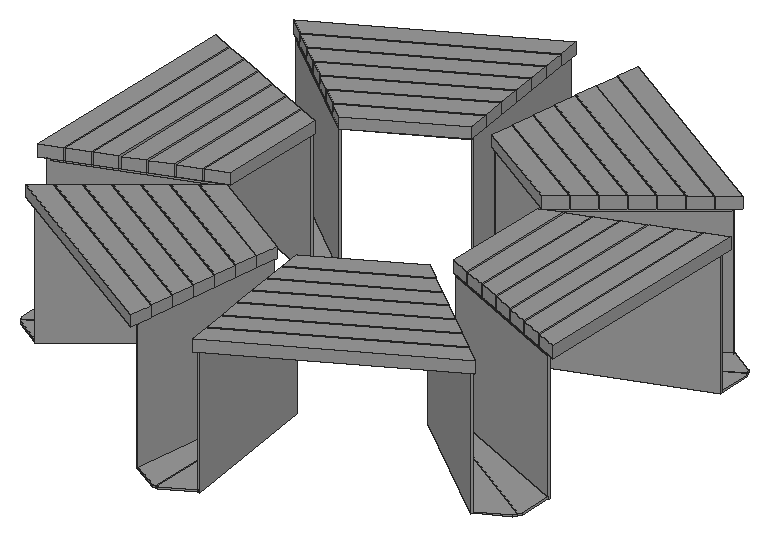
Revit family "Скамейка вокруг дерева «Эраунд 6» Арт 10538", category Антураж, Revit 2018
Family settings
  На основе рабочей плоскости = Нет
  Всегда вертикально = Да
  При загрузке вырезать с полостями = Нет
  Источник визуального образа = Геометрия семейства
  Общий = Нет
  Точка расчета площади = Нет
Parameters (values of type "Скамейка вокруг дерева «Эраунд 6»")
  Ширина = 1780 mm  # constant formula
  Цвет опоры = Сталь
  Цвет лавки = Дерево
  Описание = "Скамейка вокруг дерева «Эраунд 6»"  # constant formula
  Материал изделия = "Сталь, дерево"  # constant formula
  Изображение типоразмера = Скамейка вокруг дерева «Эраунд 6» Арт 10538.jpg
  Изготовитель = "ООО «Хоббика»"  # constant formula
  Длина = 1590 mm  # constant formula
  Группа модели = "Скамейки"  # constant formula
  Высота = 435 mm  # constant formula
  Артикул товара = "Арт. 10538"  # constant formula
  URL = "https://hobbyka.ru/product/skameyka_vokrug_dereva_eraund_6/"
Reference planes
  plane 1 "По центру (Вперед/Назад)": y = 0
  plane 2: z = 0
  plane 3 "По центру (Влево/Вправо)": x = 0
  plane 4: z = 435
  plane 5: x = 1590
  plane 6: y = 1780
Forms (mm)
  Extrusion 1, solid, material "Сталь" <- "Цвет опоры"
    sketch origin (-180, 0, 0) x (1, 0, 0) y (0, 1, 0)
      loop
        arc (208.054, 1333.96) -> (204.848, 1328.352) -> (201.682, 1322.722) r 891.421
        line (201.682, 1322.722) -> (201.682, 1225.213) -> (622.936, 1055.015) -> (622.936, 1092.784) -> (208.054, 1333.96)
      loop
        line (622.936, 687.216) -> (622.936, 724.985) -> (201.682, 554.787) -> (201.682, 457.278)
        arc (201.682, 457.278) -> (204.848, 451.648) -> (208.054, 446.04) r 891.421
        line (208.054, 446.04) -> (622.936, 687.216)
    from 0 to 5
  Extrusion 2, solid, material "Сталь" <- "Цвет опоры"
    sketch origin (-180, 0, 0) x (1, 0, 0) y (0, 1, 0)
      loop
        line (201.682, 1225.213) -> (199.809, 1220.577) -> (621.063, 1050.379) -> (622.936, 1055.015) -> (201.682, 1225.213)
      loop
        line (622.936, 724.985) -> (621.063, 729.621) -> (199.809, 559.423) -> (201.682, 554.787) -> (622.936, 724.985)
    from 0 to 400
  Extrusion 3, solid, material "Сталь" <- "Цвет опоры"
    sketch origin (-180, 0, 0) x (1, 0, 0) y (0, 1, 0)
      loop
        line (622.936, 1055.015) -> (201.682, 1225.213) -> (201.682, 554.787) -> (622.936, 724.985) -> (622.936, 1055.015)
    from 395 to 400
  Extrusion 4, solid, material "Дерево" <- "Цвет лавки"
    sketch origin (-180, 0, 0) x (1, 0, 0) y (0, 1, 0)
      loop
        line (630, 1052.161) -> (570, 1076.403) -> (570, 703.597) -> (630, 727.839) -> (630, 1052.161)
      loop
        line (180, 546.027) -> (240, 570.268) -> (240, 1209.732) -> (180, 1233.973) -> (180, 546.027)
      loop
        line (245, 1207.711) -> (245, 572.289) -> (305, 596.53) -> (305, 1183.47) -> (245, 1207.711)
      loop
        line (310, 1181.45) -> (310, 598.55) -> (370, 622.792) -> (370, 1157.208) -> (310, 1181.45)
      loop
        line (375, 1155.188) -> (375, 624.812) -> (435, 649.054) -> (435, 1130.946) -> (375, 1155.188)
      loop
        line (440, 1128.926) -> (440, 651.074) -> (500, 675.315) -> (500, 1104.685) -> (440, 1128.926)
      loop
        line (505, 1102.665) -> (505, 677.335) -> (565, 701.577) -> (565, 1078.423) -> (505, 1102.665)
    from 400 to 435
  Extrusion 5, solid, material "Сталь" <- "Цвет опоры"
    sketch origin (1770, 0, 0) x (-1, 0, 0) y (0, -1, 0)
      loop
        line (208.054, -1333.96) -> (622.936, -1092.784) -> (622.936, -1055.015) -> (201.682, -1225.213) -> (201.682, -1322.722)
        arc (201.682, -1322.722) -> (204.848, -1328.352) -> (208.054, -1333.96) r 891.421
      loop
        line (622.936, -687.216) -> (208.054, -446.04)
        arc (208.054, -446.04) -> (204.848, -451.648) -> (201.682, -457.278) r 891.421
        line (201.682, -457.278) -> (201.682, -554.787) -> (622.936, -724.985) -> (622.936, -687.216)
    from 0 to 5
  Extrusion 6, solid, material "Сталь" <- "Цвет опоры"
    sketch origin (1770, 0, 0) x (-1, 0, 0) y (0, -1, 0)
      loop
        line (201.682, -1225.213) -> (622.936, -1055.015) -> (621.063, -1050.379) -> (199.809, -1220.577) -> (201.682, -1225.213)
      loop
        line (622.936, -724.985) -> (201.682, -554.787) -> (199.809, -559.423) -> (621.063, -729.621) -> (622.936, -724.985)
    from 0 to 400
  Extrusion 7, solid, material "Сталь" <- "Цвет опоры"
    sketch origin (1770, 0, 0) x (-1, 0, 0) y (0, -1, 0)
      loop
        line (622.936, -1055.015) -> (622.936, -724.985) -> (201.682, -554.787) -> (201.682, -1225.213) -> (622.936, -1055.015)
    from 395 to 400
  Extrusion 8, solid, material "Дерево" <- "Цвет лавки"
    sketch origin (1770, 0, 0) x (-1, 0, 0) y (0, -1, 0)
      loop
        line (630, -1052.161) -> (630, -727.839) -> (570, -703.597) -> (570, -1076.403) -> (630, -1052.161)
      loop
        line (180, -546.027) -> (180, -1233.973) -> (240, -1209.732) -> (240, -570.268) -> (180, -546.027)
      loop
        line (245, -1207.711) -> (305, -1183.47) -> (305, -596.53) -> (245, -572.289) -> (245, -1207.711)
      loop
        line (310, -1181.45) -> (370, -1157.208) -> (370, -622.792) -> (310, -598.55) -> (310, -1181.45)
      loop
        line (375, -1155.188) -> (435, -1130.946) -> (435, -649.054) -> (375, -624.812) -> (375, -1155.188)
      loop
        line (440, -1128.926) -> (500, -1104.685) -> (500, -675.315) -> (440, -651.074) -> (440, -1128.926)
      loop
        line (505, -1102.665) -> (565, -1078.423) -> (565, -701.577) -> (505, -677.335) -> (505, -1102.665)
    from 400 to 435
  Extrusion 9, solid, material "Сталь" <- "Цвет опоры"
    sketch origin (-462.496, 1294.027, 0) x (0.494855, -0.868976, 0) y (0.868976, 0.494855, 0)
      loop
        arc (205.748, 1329.935) -> (203.707, 1326.333) -> (201.682, 1322.722) r 891.421
        line (201.682, 1322.722) -> (201.682, 1225.213) -> (622.936, 1055.015) -> (622.936, 1092.359) -> (205.748, 1329.935)
      loop
        line (622.936, 687.216) -> (622.936, 724.985) -> (201.682, 554.787) -> (201.682, 457.278)
        arc (201.682, 457.278) -> (204.848, 451.648) -> (208.054, 446.04) r 891.421
        line (208.054, 446.04) -> (622.936, 687.216)
    from 0 to 5
  Extrusion 10, solid, material "Сталь" <- "Цвет опоры"
    sketch origin (-462.496, 1294.027, 0) x (0.494855, -0.868976, 0) y (0.868976, 0.494855, 0)
      loop
        line (201.682, 1225.213) -> (199.809, 1220.577) -> (621.063, 1050.379) -> (622.936, 1055.015) -> (201.682, 1225.213)
      loop
        line (622.936, 724.985) -> (621.063, 729.621) -> (199.809, 559.423) -> (201.682, 554.787) -> (622.936, 724.985)
    from 0 to 400
  Extrusion 11, solid, material "Сталь" <- "Цвет опоры"
    sketch origin (-462.496, 1294.027, 0) x (0.494855, -0.868976, 0) y (0.868976, 0.494855, 0)
      loop
        line (622.936, 1055.015) -> (201.682, 1225.213) -> (201.682, 554.787) -> (622.936, 724.985) -> (622.936, 1055.015)
    from 395 to 400
  Extrusion 12, solid, material "Дерево" <- "Цвет лавки"
    sketch origin (-462.496, 1294.027, 0) x (0.494855, -0.868976, 0) y (0.868976, 0.494855, 0)
      loop
        line (630, 1052.161) -> (570, 1076.403) -> (570, 703.597) -> (630, 727.839) -> (630, 1052.161)
      loop
        line (180, 546.027) -> (240, 570.268) -> (240, 1209.732) -> (180, 1233.973) -> (180, 546.027)
      loop
        line (245, 1207.711) -> (245, 572.289) -> (305, 596.53) -> (305, 1183.47) -> (245, 1207.711)
      loop
        line (310, 1181.45) -> (310, 598.55) -> (370, 622.792) -> (370, 1157.208) -> (310, 1181.45)
      loop
        line (375, 1155.188) -> (375, 624.812) -> (435, 649.054) -> (435, 1130.946) -> (375, 1155.188)
      loop
        line (440, 1128.926) -> (440, 651.074) -> (500, 675.315) -> (500, 1104.685) -> (440, 1128.926)
      loop
        line (505, 1102.665) -> (505, 677.335) -> (565, 701.577) -> (565, 1078.423) -> (505, 1102.665)
    from 400 to 435
  Extrusion 13, solid, material "Сталь" <- "Цвет опоры"
    sketch origin (-462.496, 485.973, 0) x (0.494855, 0.868976, 0) y (-0.868976, 0.494855, 0)
      loop
        line (205.748, -1329.935) -> (622.936, -1092.359) -> (622.936, -1055.015) -> (201.682, -1225.213) -> (201.682, -1322.722)
        arc (201.682, -1322.722) -> (203.707, -1326.333) -> (205.748, -1329.935) r 891.421
      loop
        line (622.936, -687.216) -> (208.054, -446.04)
        arc (208.054, -446.04) -> (204.848, -451.648) -> (201.682, -457.278) r 891.421
        line (201.682, -457.278) -> (201.682, -554.787) -> (622.936, -724.985) -> (622.936, -687.216)
    from 0 to 5
  Extrusion 14, solid, material "Сталь" <- "Цвет опоры"
    sketch origin (-462.496, 485.973, 0) x (0.494855, 0.868976, 0) y (-0.868976, 0.494855, 0)
      loop
        line (201.682, -1225.213) -> (622.936, -1055.015) -> (621.063, -1050.379) -> (199.809, -1220.577) -> (201.682, -1225.213)
      loop
        line (622.936, -724.985) -> (201.682, -554.787) -> (199.809, -559.423) -> (621.063, -729.621) -> (622.936, -724.985)
    from 0 to 400
  Extrusion 15, solid, material "Сталь" <- "Цвет опоры"
    sketch origin (-462.496, 485.973, 0) x (0.494855, 0.868976, 0) y (-0.868976, 0.494855, 0)
      loop
        line (622.936, -1055.015) -> (622.936, -724.985) -> (201.682, -554.787) -> (201.682, -1225.213) -> (622.936, -1055.015)
    from 395 to 400
  Extrusion 16, solid, material "Дерево" <- "Цвет лавки"
    sketch origin (-462.496, 485.973, 0) x (0.494855, 0.868976, 0) y (-0.868976, 0.494855, 0)
      loop
        line (630, -1052.161) -> (630, -727.839) -> (570, -703.597) -> (570, -1076.403) -> (630, -1052.161)
      loop
        line (180, -546.027) -> (180, -1233.973) -> (240, -1209.732) -> (240, -570.268) -> (180, -546.027)
      loop
        line (245, -1207.711) -> (305, -1183.47) -> (305, -596.53) -> (245, -572.289) -> (245, -1207.711)
      loop
        line (310, -1181.45) -> (370, -1157.208) -> (370, -622.792) -> (310, -598.55) -> (310, -1181.45)
      loop
        line (375, -1155.188) -> (435, -1130.946) -> (435, -649.054) -> (375, -624.812) -> (375, -1155.188)
      loop
        line (440, -1128.926) -> (500, -1104.685) -> (500, -675.315) -> (440, -651.074) -> (440, -1128.926)
      loop
        line (505, -1102.665) -> (565, -1078.423) -> (565, -701.577) -> (505, -677.335) -> (505, -1102.665)
    from 400 to 435
  Extrusion 17, solid, material "Сталь" <- "Цвет опоры"
    sketch origin (2052.496, 1294.027, 0) x (-0.494855, -0.868976, 0) y (0.868976, -0.494855, 0)
      loop
        line (205.748, -1329.935) -> (622.936, -1092.359) -> (622.936, -1055.015) -> (201.682, -1225.213) -> (201.682, -1322.722)
        arc (201.682, -1322.722) -> (203.707, -1326.333) -> (205.748, -1329.935) r 891.421
      loop
        line (622.936, -687.216) -> (208.054, -446.04)
        arc (208.054, -446.04) -> (204.848, -451.648) -> (201.682, -457.278) r 891.421
        line (201.682, -457.278) -> (201.682, -554.787) -> (622.936, -724.985) -> (622.936, -687.216)
    from 0 to 5
  Extrusion 18, solid, material "Сталь" <- "Цвет опоры"
    sketch origin (2052.496, 1294.027, 0) x (-0.494855, -0.868976, 0) y (0.868976, -0.494855, 0)
      loop
        line (201.682, -1225.213) -> (622.936, -1055.015) -> (621.063, -1050.379) -> (199.809, -1220.577) -> (201.682, -1225.213)
      loop
        line (622.936, -724.985) -> (201.682, -554.787) -> (199.809, -559.423) -> (621.063, -729.621) -> (622.936, -724.985)
    from 0 to 400
  Extrusion 19, solid, material "Сталь" <- "Цвет опоры"
    sketch origin (2052.496, 1294.027, 0) x (-0.494855, -0.868976, 0) y (0.868976, -0.494855, 0)
      loop
        line (622.936, -1055.015) -> (622.936, -724.985) -> (201.682, -554.787) -> (201.682, -1225.213) -> (622.936, -1055.015)
    from 395 to 400
  Extrusion 20, solid, material "Дерево" <- "Цвет лавки"
    sketch origin (2052.496, 1294.027, 0) x (-0.494855, -0.868976, 0) y (0.868976, -0.494855, 0)
      loop
        line (630, -1052.161) -> (630, -727.839) -> (570, -703.597) -> (570, -1076.403) -> (630, -1052.161)
      loop
        line (180, -546.027) -> (180, -1233.973) -> (240, -1209.732) -> (240, -570.268) -> (180, -546.027)
      loop
        line (245, -1207.711) -> (305, -1183.47) -> (305, -596.53) -> (245, -572.289) -> (245, -1207.711)
      loop
        line (310, -1181.45) -> (370, -1157.208) -> (370, -622.792) -> (310, -598.55) -> (310, -1181.45)
      loop
        line (375, -1155.188) -> (435, -1130.946) -> (435, -649.054) -> (375, -624.812) -> (375, -1155.188)
      loop
        line (440, -1128.926) -> (500, -1104.685) -> (500, -675.315) -> (440, -651.074) -> (440, -1128.926)
      loop
        line (505, -1102.665) -> (565, -1078.423) -> (565, -701.577) -> (505, -677.335) -> (505, -1102.665)
    from 400 to 435
  Extrusion 21, solid, material "Сталь" <- "Цвет опоры"
    sketch origin (2052.496, 485.973, 0) x (-0.494855, 0.868976, 0) y (-0.868976, -0.494855, 0)
      loop
        arc (205.748, 1329.935) -> (203.707, 1326.333) -> (201.682, 1322.722) r 891.421
        line (201.682, 1322.722) -> (201.682, 1225.213) -> (622.936, 1055.015) -> (622.936, 1092.359) -> (205.748, 1329.935)
      loop
        line (622.936, 687.216) -> (622.936, 724.985) -> (201.682, 554.787) -> (201.682, 457.278)
        arc (201.682, 457.278) -> (204.848, 451.648) -> (208.054, 446.04) r 891.421
        line (208.054, 446.04) -> (622.936, 687.216)
    from 0 to 5
  Extrusion 22, solid, material "Сталь" <- "Цвет опоры"
    sketch origin (2052.496, 485.973, 0) x (-0.494855, 0.868976, 0) y (-0.868976, -0.494855, 0)
      loop
        line (201.682, 1225.213) -> (199.809, 1220.577) -> (621.063, 1050.379) -> (622.936, 1055.015) -> (201.682, 1225.213)
      loop
        line (622.936, 724.985) -> (621.063, 729.621) -> (199.809, 559.423) -> (201.682, 554.787) -> (622.936, 724.985)
    from 0 to 400
  Extrusion 23, solid, material "Сталь" <- "Цвет опоры"
    sketch origin (2052.496, 485.973, 0) x (-0.494855, 0.868976, 0) y (-0.868976, -0.494855, 0)
      loop
        line (622.936, 1055.015) -> (201.682, 1225.213) -> (201.682, 554.787) -> (622.936, 724.985) -> (622.936, 1055.015)
    from 395 to 400
  Extrusion 24, solid, material "Дерево" <- "Цвет лавки"
    sketch origin (2052.496, 485.973, 0) x (-0.494855, 0.868976, 0) y (-0.868976, -0.494855, 0)
      loop
        line (630, 1052.161) -> (570, 1076.403) -> (570, 703.597) -> (630, 727.839) -> (630, 1052.161)
      loop
        line (180, 546.027) -> (240, 570.268) -> (240, 1209.732) -> (180, 1233.973) -> (180, 546.027)
      loop
        line (245, 1207.711) -> (245, 572.289) -> (305, 596.53) -> (305, 1183.47) -> (245, 1207.711)
      loop
        line (310, 1181.45) -> (310, 598.55) -> (370, 622.792) -> (370, 1157.208) -> (310, 1181.45)
      loop
        line (375, 1155.188) -> (375, 624.812) -> (435, 649.054) -> (435, 1130.946) -> (375, 1155.188)
      loop
        line (440, 1128.926) -> (440, 651.074) -> (500, 675.315) -> (500, 1104.685) -> (440, 1128.926)
      loop
        line (505, 1102.665) -> (505, 677.335) -> (565, 701.577) -> (565, 1078.423) -> (505, 1102.665)
    from 400 to 435
Lines and regions (mm)
  symbolic lines
    curve 1: line (790.361, 1773.349, 0) -> (799.639, 1773.349, 0)
Dimensions and locks
  "Высота": plane 4 to level
  "Ширина": plane 6 to plane 1 "По центру (Вперед/Назад)"
  "Длина": plane 3 "По центру (Влево/Вправо)" to plane 5
  aligned and locked: level to plane 2
Automatic sketch dimensions
  plane 3 "По центру (Влево/Вправо)" to Extrusion 1 sketch curve = 21.682 mm  (x2)
  Extrusion 1 sketch curve to Extrusion 1 sketch curve = 6.372 mm  (x2)
  Extrusion 1 sketch curve to Extrusion 1 sketch curve = 421.254 mm
  Extrusion 1 sketch curve to Extrusion 1 sketch curve = 0 mm  (x2)
  Extrusion 1 sketch curve to Extrusion 1 sketch curve = 357.36 mm
  Extrusion 1 sketch curve to plane 1 "По центру (Вперед/Назад)" = 446.04 mm
  Extrusion 1 sketch curve to Extrusion 1 sketch curve = 11.238 mm
  Extrusion 1 sketch curve to Extrusion 1 sketch curve = 97.509 mm  (x2)
  Extrusion 1 sketch curve to Extrusion 1 sketch curve = 204.104 mm
  Extrusion 1 sketch curve to Extrusion 1 sketch curve = 37.769 mm  (x2)
  Extrusion 1 sketch curve to Extrusion 1 sketch curve = 2.638 mm
  Extrusion 1 sketch curve to Extrusion 1 sketch curve = 330.03 mm
  Extrusion 1 sketch curve to Extrusion 1 sketch curve = 132.428 mm
  plane 3 "По центру (Влево/Вправо)" to Extrusion 2 sketch curve = 19.809 mm  (x2)
  Extrusion 2 sketch curve to Extrusion 2 sketch curve = 1.873 mm  (x3)
  plane 3 "По центру (Влево/Вправо)" to Extrusion 2 sketch curve = 441.063 mm
  Extrusion 2 sketch curve to Extrusion 2 sketch curve = 0 mm
  Extrusion 2 sketch curve to plane 1 "По центру (Вперед/Назад)" = 554.787 mm
  Extrusion 2 sketch curve to Extrusion 2 sketch curve = 4.636 mm  (x2)
  Extrusion 2 sketch curve to Extrusion 2 sketch curve = 320.759 mm
  plane 3 "По центру (Влево/Вправо)" to Extrusion 3 sketch curve = 21.682 mm
  plane 3 "По центру (Влево/Вправо)" to Extrusion 3 sketch curve = 442.936 mm
  Extrusion 3 sketch curve to plane 1 "По центру (Вперед/Назад)" = 554.787 mm
  Extrusion 3 sketch curve to Extrusion 3 sketch curve = 170.198 mm  (x2)
  Extrusion 3 sketch curve to Extrusion 3 sketch curve = 330.03 mm
  Extrusion 4 sketch curve to plane 3 "По центру (Влево/Вправо)" = 0 mm
  plane 3 "По центру (Влево/Вправо)" to Extrusion 4 sketch curve = 60 mm
  Extrusion 4 sketch curve to Extrusion 4 sketch curve = 5 mm  (x6)
  Extrusion 4 sketch curve to Extrusion 4 sketch curve = 60 mm  (x6)
  Extrusion 4 sketch curve to plane 1 "По центру (Вперед/Назад)" = 546.027 mm
  Extrusion 4 sketch curve to Extrusion 4 sketch curve = 24.242 mm  (x14)
  Extrusion 4 sketch curve to Extrusion 4 sketch curve = 2.02 mm  (x12)
  Extrusion 4 sketch curve to Extrusion 4 sketch curve = 324.323 mm
  plane 5 to Extrusion 5 sketch curve = 21.682 mm  (x2)
  Extrusion 5 sketch curve to Extrusion 5 sketch curve = 6.372 mm  (x2)
  Extrusion 5 sketch curve to Extrusion 5 sketch curve = 421.254 mm
  Extrusion 5 sketch curve to Extrusion 5 sketch curve = 0 mm  (x2)
  Extrusion 5 sketch curve to Extrusion 5 sketch curve = 357.36 mm
  plane 1 "По центру (Вперед/Назад)" to Extrusion 5 sketch curve = 446.04 mm
  Extrusion 5 sketch curve to Extrusion 5 sketch curve = 11.238 mm
  Extrusion 5 sketch curve to Extrusion 5 sketch curve = 97.509 mm  (x2)
  Extrusion 5 sketch curve to Extrusion 5 sketch curve = 204.104 mm
  Extrusion 5 sketch curve to Extrusion 5 sketch curve = 37.769 mm  (x2)
  Extrusion 5 sketch curve to Extrusion 5 sketch curve = 2.638 mm
  Extrusion 5 sketch curve to Extrusion 5 sketch curve = 330.03 mm
  Extrusion 5 sketch curve to Extrusion 5 sketch curve = 132.428 mm
  plane 5 to Extrusion 6 sketch curve = 19.809 mm  (x2)
  Extrusion 6 sketch curve to Extrusion 6 sketch curve = 1.873 mm  (x3)
  plane 5 to Extrusion 6 sketch curve = 441.063 mm
  Extrusion 6 sketch curve to Extrusion 6 sketch curve = 0 mm
  plane 1 "По центру (Вперед/Назад)" to Extrusion 6 sketch curve = 554.787 mm
  Extrusion 6 sketch curve to Extrusion 6 sketch curve = 4.636 mm  (x2)
  Extrusion 6 sketch curve to Extrusion 6 sketch curve = 320.759 mm
  plane 5 to Extrusion 7 sketch curve = 21.682 mm
  plane 5 to Extrusion 7 sketch curve = 442.936 mm
  plane 1 "По центру (Вперед/Назад)" to Extrusion 7 sketch curve = 554.787 mm
  Extrusion 7 sketch curve to Extrusion 7 sketch curve = 170.198 mm  (x2)
  Extrusion 7 sketch curve to Extrusion 7 sketch curve = 330.03 mm
  Extrusion 8 sketch curve to plane 5 = 0 mm
  plane 5 to Extrusion 8 sketch curve = 60 mm
  Extrusion 8 sketch curve to Extrusion 8 sketch curve = 5 mm  (x6)
  Extrusion 8 sketch curve to Extrusion 8 sketch curve = 60 mm  (x6)
  plane 1 "По центру (Вперед/Назад)" to Extrusion 8 sketch curve = 546.027 mm
  Extrusion 8 sketch curve to Extrusion 8 sketch curve = 24.242 mm  (x14)
  Extrusion 8 sketch curve to Extrusion 8 sketch curve = 2.02 mm  (x12)
  Extrusion 8 sketch curve to Extrusion 8 sketch curve = 324.323 mm
  Extrusion 9 sketch curve to plane 6 = 54.928 mm
  plane 3 "По центру (Влево/Вправо)" to Extrusion 9 sketch curve = 701.987 mm
  Extrusion 9 sketch curve to Extrusion 9 sketch curve = 0 mm  (x3)
  Extrusion 9 sketch curve to Extrusion 9 sketch curve = 4.065 mm
  Extrusion 9 sketch curve to Extrusion 9 sketch curve = 6.372 mm
  Extrusion 9 sketch curve to Extrusion 9 sketch curve = 421.254 mm
  Extrusion 9 sketch curve to Extrusion 9 sketch curve = 357.36 mm
  Extrusion 9 sketch curve to Extrusion 9 sketch curve = 132.854 mm
  Extrusion 9 sketch curve to Extrusion 9 sketch curve = 37.344 mm
  Extrusion 9 sketch curve to Extrusion 9 sketch curve = 163.696 mm
  Extrusion 9 sketch curve to Extrusion 9 sketch curve = 2.638 mm
  Extrusion 9 sketch curve to Extrusion 9 sketch curve = 330.03 mm
  Extrusion 9 sketch curve to Extrusion 9 sketch curve = 37.769 mm
  Extrusion 9 sketch curve to Extrusion 9 sketch curve = 132.428 mm
  Extrusion 9 sketch curve to Extrusion 9 sketch curve = 97.509 mm  (x2)
  plane 3 "По центру (Влево/Вправо)" to Extrusion 10 sketch curve = 122.505 mm
  Extrusion 10 sketch curve to plane 6 = 382.77 mm
  Extrusion 10 sketch curve to Extrusion 10 sketch curve = 0 mm  (x2)
  Extrusion 10 sketch curve to Extrusion 10 sketch curve = 1.873 mm  (x2)
  Extrusion 10 sketch curve to Extrusion 10 sketch curve = 421.254 mm
  Extrusion 10 sketch curve to Extrusion 10 sketch curve = 4.636 mm  (x2)
  Extrusion 10 sketch curve to Extrusion 10 sketch curve = 320.759 mm
  Extrusion 11 sketch curve to plane 6 = 54.928 mm
  plane 3 "По центру (Влево/Вправо)" to Extrusion 11 sketch curve = 701.987 mm
  Extrusion 11 sketch curve to Extrusion 11 sketch curve = 421.254 mm
  Extrusion 11 sketch curve to Extrusion 11 sketch curve = 170.198 mm  (x2)
  Extrusion 11 sketch curve to Extrusion 11 sketch curve = 330.03 mm
  Extrusion 12 sketch curve to plane 6 = 31.751 mm
  plane 3 "По центру (Влево/Вправо)" to Extrusion 12 sketch curve = 698.87 mm
  Extrusion 12 sketch curve to Extrusion 12 sketch curve = 60 mm  (x7)
  Extrusion 12 sketch curve to Extrusion 12 sketch curve = 5 mm  (x6)
  Extrusion 12 sketch curve to Extrusion 12 sketch curve = 24.242 mm  (x14)
  Extrusion 12 sketch curve to Extrusion 12 sketch curve = 2.02 mm  (x12)
  Extrusion 12 sketch curve to Extrusion 12 sketch curve = 324.323 mm
  plane 1 "По центру (Вперед/Назад)" to Extrusion 13 sketch curve = 54.928 mm
  Extrusion 13 sketch curve to plane 3 "По центру (Влево/Вправо)" = 701.987 mm
  Extrusion 13 sketch curve to Extrusion 13 sketch curve = 0 mm  (x3)
  Extrusion 13 sketch curve to Extrusion 13 sketch curve = 4.065 mm
  Extrusion 13 sketch curve to Extrusion 13 sketch curve = 6.372 mm
  Extrusion 13 sketch curve to Extrusion 13 sketch curve = 421.254 mm
  Extrusion 13 sketch curve to Extrusion 13 sketch curve = 357.36 mm
  Extrusion 13 sketch curve to Extrusion 13 sketch curve = 132.854 mm
  Extrusion 13 sketch curve to Extrusion 13 sketch curve = 37.344 mm
  Extrusion 13 sketch curve to Extrusion 13 sketch curve = 163.696 mm
  Extrusion 13 sketch curve to Extrusion 13 sketch curve = 2.638 mm
  Extrusion 13 sketch curve to Extrusion 13 sketch curve = 330.03 mm
  Extrusion 13 sketch curve to Extrusion 13 sketch curve = 37.769 mm
  Extrusion 13 sketch curve to Extrusion 13 sketch curve = 132.428 mm
  Extrusion 13 sketch curve to Extrusion 13 sketch curve = 97.509 mm  (x2)
  Extrusion 14 sketch curve to plane 3 "По центру (Влево/Вправо)" = 122.505 mm
  plane 1 "По центру (Вперед/Назад)" to Extrusion 14 sketch curve = 382.77 mm
  Extrusion 14 sketch curve to Extrusion 14 sketch curve = 0 mm  (x2)
  Extrusion 14 sketch curve to Extrusion 14 sketch curve = 1.873 mm  (x2)
  Extrusion 14 sketch curve to Extrusion 14 sketch curve = 421.254 mm
  Extrusion 14 sketch curve to Extrusion 14 sketch curve = 4.636 mm  (x2)
  Extrusion 14 sketch curve to Extrusion 14 sketch curve = 320.759 mm
  plane 1 "По центру (Вперед/Назад)" to Extrusion 15 sketch curve = 54.928 mm
  Extrusion 15 sketch curve to plane 3 "По центру (Влево/Вправо)" = 701.987 mm
  Extrusion 15 sketch curve to Extrusion 15 sketch curve = 421.254 mm
  Extrusion 15 sketch curve to Extrusion 15 sketch curve = 170.198 mm  (x2)
  Extrusion 15 sketch curve to Extrusion 15 sketch curve = 330.03 mm
  plane 1 "По центру (Вперед/Назад)" to Extrusion 16 sketch curve = 31.751 mm
  Extrusion 16 sketch curve to plane 3 "По центру (Влево/Вправо)" = 698.87 mm
  Extrusion 16 sketch curve to Extrusion 16 sketch curve = 60 mm  (x7)
  Extrusion 16 sketch curve to Extrusion 16 sketch curve = 5 mm  (x6)
  Extrusion 16 sketch curve to Extrusion 16 sketch curve = 24.242 mm  (x14)
  Extrusion 16 sketch curve to Extrusion 16 sketch curve = 2.02 mm  (x12)
  Extrusion 16 sketch curve to Extrusion 16 sketch curve = 324.323 mm
  plane 6 to Extrusion 17 sketch curve = 54.928 mm
  plane 5 to Extrusion 17 sketch curve = 701.987 mm
  Extrusion 17 sketch curve to Extrusion 17 sketch curve = 0 mm  (x3)
  Extrusion 17 sketch curve to Extrusion 17 sketch curve = 4.065 mm
  Extrusion 17 sketch curve to Extrusion 17 sketch curve = 6.372 mm
  Extrusion 17 sketch curve to Extrusion 17 sketch curve = 421.254 mm
  Extrusion 17 sketch curve to Extrusion 17 sketch curve = 357.36 mm
  Extrusion 17 sketch curve to Extrusion 17 sketch curve = 132.854 mm
  Extrusion 17 sketch curve to Extrusion 17 sketch curve = 37.344 mm
  Extrusion 17 sketch curve to Extrusion 17 sketch curve = 163.696 mm
  Extrusion 17 sketch curve to Extrusion 17 sketch curve = 2.638 mm
  Extrusion 17 sketch curve to Extrusion 17 sketch curve = 330.03 mm
  Extrusion 17 sketch curve to Extrusion 17 sketch curve = 37.769 mm
  Extrusion 17 sketch curve to Extrusion 17 sketch curve = 132.428 mm
  Extrusion 17 sketch curve to Extrusion 17 sketch curve = 97.509 mm  (x2)
  plane 5 to Extrusion 18 sketch curve = 122.505 mm
  plane 6 to Extrusion 18 sketch curve = 382.77 mm
  Extrusion 18 sketch curve to Extrusion 18 sketch curve = 0 mm  (x2)
  Extrusion 18 sketch curve to Extrusion 18 sketch curve = 1.873 mm  (x2)
  Extrusion 18 sketch curve to Extrusion 18 sketch curve = 421.254 mm
  Extrusion 18 sketch curve to Extrusion 18 sketch curve = 4.636 mm  (x2)
  Extrusion 18 sketch curve to Extrusion 18 sketch curve = 320.759 mm
  plane 6 to Extrusion 19 sketch curve = 54.928 mm
  plane 5 to Extrusion 19 sketch curve = 701.987 mm
  Extrusion 19 sketch curve to Extrusion 19 sketch curve = 421.254 mm
  Extrusion 19 sketch curve to Extrusion 19 sketch curve = 170.198 mm  (x2)
  Extrusion 19 sketch curve to Extrusion 19 sketch curve = 330.03 mm
  plane 6 to Extrusion 20 sketch curve = 31.751 mm
  plane 5 to Extrusion 20 sketch curve = 698.87 mm
  Extrusion 20 sketch curve to Extrusion 20 sketch curve = 60 mm  (x7)
  Extrusion 20 sketch curve to Extrusion 20 sketch curve = 5 mm  (x6)
  Extrusion 20 sketch curve to Extrusion 20 sketch curve = 24.242 mm  (x14)
  Extrusion 20 sketch curve to Extrusion 20 sketch curve = 2.02 mm  (x12)
  Extrusion 20 sketch curve to Extrusion 20 sketch curve = 324.323 mm
  Extrusion 21 sketch curve to plane 1 "По центру (Вперед/Назад)" = 54.928 mm
  Extrusion 21 sketch curve to plane 5 = 701.987 mm
  Extrusion 21 sketch curve to Extrusion 21 sketch curve = 0 mm  (x3)
  Extrusion 21 sketch curve to Extrusion 21 sketch curve = 4.065 mm
  Extrusion 21 sketch curve to Extrusion 21 sketch curve = 6.372 mm
  Extrusion 21 sketch curve to Extrusion 21 sketch curve = 421.254 mm
  Extrusion 21 sketch curve to Extrusion 21 sketch curve = 357.36 mm
  Extrusion 21 sketch curve to Extrusion 21 sketch curve = 132.854 mm
  Extrusion 21 sketch curve to Extrusion 21 sketch curve = 37.344 mm
  Extrusion 21 sketch curve to Extrusion 21 sketch curve = 163.696 mm
  Extrusion 21 sketch curve to Extrusion 21 sketch curve = 2.638 mm
  Extrusion 21 sketch curve to Extrusion 21 sketch curve = 330.03 mm
  Extrusion 21 sketch curve to Extrusion 21 sketch curve = 37.769 mm
  Extrusion 21 sketch curve to Extrusion 21 sketch curve = 132.428 mm
  Extrusion 21 sketch curve to Extrusion 21 sketch curve = 97.509 mm  (x2)
  Extrusion 22 sketch curve to plane 5 = 122.505 mm
  Extrusion 22 sketch curve to plane 1 "По центру (Вперед/Назад)" = 382.77 mm
  Extrusion 22 sketch curve to Extrusion 22 sketch curve = 0 mm  (x2)
  Extrusion 22 sketch curve to Extrusion 22 sketch curve = 1.873 mm  (x2)
  Extrusion 22 sketch curve to Extrusion 22 sketch curve = 421.254 mm
  Extrusion 22 sketch curve to Extrusion 22 sketch curve = 4.636 mm  (x2)
  Extrusion 22 sketch curve to Extrusion 22 sketch curve = 320.759 mm
  Extrusion 23 sketch curve to plane 1 "По центру (Вперед/Назад)" = 54.928 mm
  Extrusion 23 sketch curve to plane 5 = 701.987 mm
  Extrusion 23 sketch curve to Extrusion 23 sketch curve = 421.254 mm
  Extrusion 23 sketch curve to Extrusion 23 sketch curve = 170.198 mm  (x2)
  Extrusion 23 sketch curve to Extrusion 23 sketch curve = 330.03 mm
  Extrusion 24 sketch curve to plane 1 "По центру (Вперед/Назад)" = 31.751 mm
  Extrusion 24 sketch curve to plane 5 = 698.87 mm
  Extrusion 24 sketch curve to Extrusion 24 sketch curve = 60 mm  (x7)
  Extrusion 24 sketch curve to Extrusion 24 sketch curve = 5 mm  (x6)
  Extrusion 24 sketch curve to Extrusion 24 sketch curve = 24.242 mm  (x14)
  Extrusion 24 sketch curve to Extrusion 24 sketch curve = 2.02 mm  (x12)
  Extrusion 24 sketch curve to Extrusion 24 sketch curve = 324.323 mm
  curve 1 to plane 6 = 6.651 mm
  plane 3 "По центру (Влево/Вправо)" to curve 1 = 790.361 mm
  curve 1 to curve 1 = 9.278 mm
